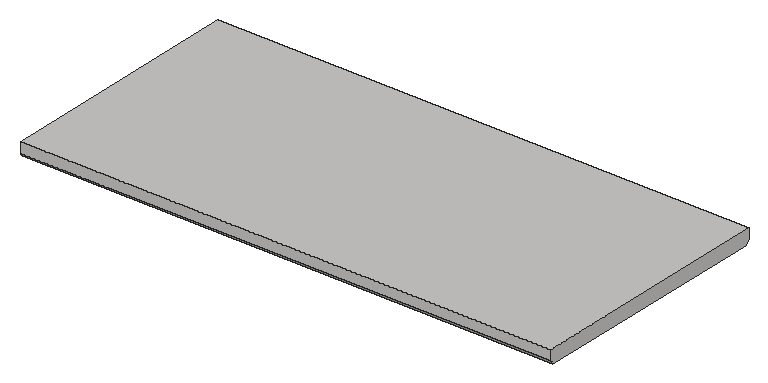
Revit family "QF_ELECTROLUXPROFESSIONAL_121117_TPLA15", category Attrezzature speciali, Revit 2020
Family settings
  Quota connettore circolare = Usa diametro
  Tipo di parte = Normale
  Basato su piano di lavoro = No
  Sempre verticale = Sì
  Taglio con vuoti quando caricato = No
  Condiviso = No
  Punto di calcolo locali = No
Parameters (values of type "Standard")
  Weight = 49.00 kg
  Watts = 0 W
  Volts = 0 V
  URL Manufacturer = "https://www.electroluxprofessional.com/"
  URL = "https://www.electroluxprofessional.com/"
  Steam Supply Size = 0 mm
  Steam Supply Minimum Pressure = 0.0 Pa
  Steam Supply Maximum Pressure = 0.0 Pa
  Steam Consumption per Hour = 0
  Refrigeration Suction Line Size = 0.0 mm
  Refrigeration Liquid Line Size = 0.0 mm
  Refrigerant Compressor Remote = yes
  Prospetto di default = 0.0 mm
  Phase = 0
  Modello = "TPLA15"
  Produttore = "Electrolux Professional"
  Length Actual = 1500.0 mm  # constant formula
  Item Number = "121117"
  Hot Water Size = 0 mm
  Height Actual = 40.0 mm  # constant formula
  HP = "0 HP"
  Gas Size = 0 mm
  Gas KW = 0
  Gas Input Pressure = 0 W
  Direct Waste Size = 0 mm
  Descrizione = "WORK TOP 1500MM"
  Depth Actual = 700.0 mm  # constant formula
  Cycle = 0 Hz
  Condensate Return Size = 0 mm
  Compressed Air Volume = 0.0 L/s
  Compressed Air Size = 0 mm
  Compressed Air Pressure = 0.0 Pa
  Cold Water Size = 0 mm
  Accessory = yes
Reference planes
  plane 1 "Center (Front/Back)": y = 0
  plane 2: z = 0
  plane 3 "Center (Left/Right)": x = -250
  plane 4 "LEFT": x = -1000
  plane 5 "RIGHT": x = 500
  plane 6 "BACK": y = 350
  plane 7 "FRONT": y = -350
  plane 8 "TOP": z = 860
  plane 9 "BaseTop": z = 900
Forms (mm)
  Extrusion 1, solid, material "QF_Finishes_Stainless Steel"
    sketch origin (-250, 0, 0) x (0, 1, 0) y (0, 0, 1)
      loop
        line (-350, 900) -> (-350, 870) -> (-340, 860) -> (340, 860) -> (350, 870) -> (350, 900) -> (-350, 900)
    from 750 to -750
Lines and regions (mm)
  symbolic lines
    curve 1: line (500, 350, 860) -> (-1000, 350, 860)
    curve 2: line (-1000, 350, 860) -> (-1000, -350, 860)
    curve 3: line (-1000, -350, 860) -> (500, -350, 860)
    curve 4: line (500, -350, 860) -> (500, 350, 860)
Dimensions and locks
  plane 4 "LEFT" to plane 5 "RIGHT" = 1500.0 mm
  equal spacing: plane 4 "LEFT", plane 3 "Center (Left/Right)", plane 5 "RIGHT"
  plane 6 "BACK" to plane 7 "FRONT" = 700.0 mm
  equal spacing: plane 6 "BACK", plane 1 "Center (Front/Back)", plane 7 "FRONT"
  locked: plane 9 "BaseTop" to plane 8 "TOP" at 40
  plane 8 "TOP" to level = 860.0 mm
  aligned and locked: level to plane 2
  aligned and locked: Extrusion 1 to plane 4 "LEFT"
  aligned and locked: plane 5 "RIGHT" to Extrusion 1
  aligned and locked: curve 2 to plane 4 "LEFT"
  aligned and locked: plane 9 "BaseTop" to Extrusion 1 sketch curve
Automatic sketch dimensions
  curve 3 to plane 7 "FRONT" = 0.0 mm
  curve 4 to plane 6 "BACK" = 0.0 mm
  curve 4 to plane 5 "RIGHT" = 0.0 mm
  Extrusion 1 sketch curve to plane 7 "FRONT" = 0.0 mm
  level to Extrusion 1 sketch curve = 860.0 mm
  Extrusion 1 sketch curve to plane 6 "BACK" = 0.0 mm
  plane 7 "FRONT" to Extrusion 1 sketch curve = 10.0 mm
  level to Extrusion 1 sketch curve = 870.0 mm  (x2)
  Extrusion 1 sketch curve to plane 6 "BACK" = 10.0 mm
